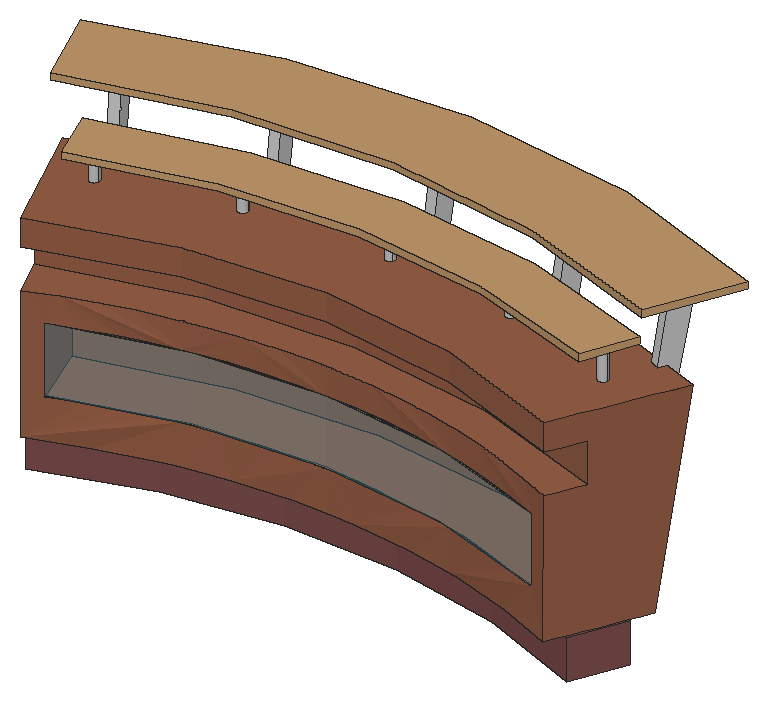
Revit family
Reference planes (in)
  plane 1 "Center Front/Back": y = 0
  plane 2: z = 0
  plane 3 "Center Left/Right": x = 0
  plane 4 "Level 1": z = 18
  plane 5 "Level 2": z = 24
  plane 6 "Level 0": z = 3
  plane 7 "Base": z = 7
  plane 8 "Seat": z = 15
  plane 9 "Level 4": z = 20.5
Forms (in)
  Extrusion 1, solid, material "Wood 2"
    sketch origin (0, 0, 0) x (1, 0, 0) y (0, 1, 0)
      loop
        arc (22.30156, -3.89886) -> (0.00032, 0.64779) -> (-22.30096, -3.8986) r 56.96847
        line (-22.30096, -3.8986) -> (-20.63836, -7.80681)
        arc (-20.63836, -7.80681) -> (0, -3.39612) -> (20.63836, -7.80681) r 50.49053
        line (20.63836, -7.80681) -> (22.30156, -3.89886)
    from 0 to 3
  Blend 2, solid, material "Wood"
    base sketch origin (0, 0, 3) x (0, 1, 0) y (-1, 0, 0)
      loop
        arc (-9.144, 19.95189) -> (-4.92509, 0.05373) -> (-9.10061, -19.85359) r 49.28695
        line (-9.10061, -19.85359) -> (-2.23764, -22.874)
        arc (-2.23764, -22.874) -> (2.40228, 0) -> (-2.23764, 22.874) r 58.70242
        line (-2.23764, 22.874) -> (-9.144, 19.95189)
    top sketch origin (0, 0, 3) x (0, 1, 0) y (-1, 0, 0)
      loop
        arc (-9.144, 19.95189) -> (-4.92506, 0) -> (-9.144, -19.95189) r 49.28695
        line (-9.144, -19.95189) -> (0, -24)
        arc (0, -24) -> (5.07494, 0) -> (0, 24) r 59.28695
        line (0, 24) -> (-9.144, 19.95189)
    from 0 to 15
  Extrusion 3, solid, material "Wood 3"
    sketch origin (0, 0, 18) x (0, 1, 0) y (-1, 0, 0)
      loop
        arc (-2.6181, 22.8457) -> (1.59564, 0.06005) -> (-3.14374, -22.62209) r 59.96847
        line (-3.14374, -22.62209) -> (3.46305, -25.43269)
        arc (3.46305, -25.43269) -> (8.83742, 0) -> (3.46305, 25.43269) r 62.86373
        line (3.46305, 25.43269) -> (-2.6181, 22.8457)
    from 5.5 to 6
  Extrusion 4, solid, material "Metal"
    sketch origin (0, 0, 0) x (0, 1, 0) y (0, 0, 1)
      loop
        line (1.61357, 3) -> (2.65957, 3) -> (7.01698, 23.5) -> (5.22827, 23.5) -> (1.61357, 3)
    from 0 to 0.75
  Extrusion 5, solid, material "Metal"
    sketch origin (19.48817, -3.63729, 0) x (0.360716, 0.932676, 0) y (0, 0, -1)
      loop
        line (1.61357, -3) -> (5.22827, -23.5) -> (7.01698, -23.5) -> (2.65957, -3) -> (1.61357, -3)
    from 0 to 0.75
  Extrusion 6, solid, material "Metal"
    sketch origin (9.64195, -0.81393, 0) x (0.188338, 0.982104, 0) y (0, 0, 1)
      loop
        line (1.61357, 3) -> (2.65957, 3) -> (7.01698, 23.5) -> (5.22827, 23.5) -> (1.61357, 3)
    from 0 to 0.75
  Extrusion 7, solid, material "Metal"
    sketch origin (-19.48817, -3.63729, 0) x (-0.360716, 0.932676, 0) y (0, 0, 1)
      loop
        line (1.61357, 3) -> (2.65957, 3) -> (7.01698, 23.5) -> (5.22827, 23.5) -> (1.61357, 3)
    from 0 to 0.75
  Extrusion 8, solid, material "Metal"
    sketch origin (-9.64195, -0.81393, 0) x (-0.188338, 0.982104, 0) y (0, 0, -1)
      loop
        line (1.61357, -3) -> (5.22827, -23.5) -> (7.01698, -23.5) -> (2.65957, -3) -> (1.61357, -3)
    from 0 to 0.75
  Extrusion 9, void
    sketch origin (0, 0, 7) x (0, 1, 0) y (-1, 0, 0)
      loop
        arc (-10.42347, 17.88333) -> (-8.23541, 0.24479) -> (-12.35326, -17.04535) r 50.02043
        line (-12.35326, -17.04535) -> (-3.66709, -20.40314)
        arc (-3.66709, -20.40314) -> (0.14779, -0.00522) -> (-3.66332, 20.3934) r 56.46847
        line (-3.66332, 20.3934) -> (-10.42347, 17.88333)
    from -1 to 4
  Extrusion 10, void
    sketch origin (0, -0.0757, 7) x (0, 1, 0) y (-1, 0, 0)
      loop
        arc (-12.53572, 22.87232) -> (-8.44718, 1.37477) -> (-13.92686, -19.81093) r 50.02043
        line (-13.92686, -19.81093) -> (-6.9473, -22.509)
        arc (-6.9473, -22.509) -> (-2.00874, 1.18168) -> (-7.44067, 24.76413) r 56.46847
        line (-7.44067, 24.76413) -> (-12.53572, 22.87232)
    from 6 to 9
  Extrusion 11, solid, material "Metal"
    sketch origin (-0.54972, 1.51124, 18) x (0, 1, 0) y (-1, 0, 0)
      loop
        circle (-4.30679, 18.82889) r 0.34936
    from 0 to 2.5
  Extrusion 12, solid, material "Metal"
    sketch origin (0.54972, 1.51124, 18) x (0, 1, 0) y (-1, 0, 0)
      loop
        circle (-4.30679, -18.82889) r 0.34936
    from 0 to 2.5
  Extrusion 13, solid, material "Metal"
    sketch origin (-28.43096, -6.48358, 18) x (-0.529919, 0.848048, 0) y (-0.848048, -0.529919, 0)
      loop
        circle (-4.30679, -18.82889) r 0.34936
    from 0 to 2.5
  Extrusion 14, solid, material "Metal"
    sketch origin (19.34989, -2.38906, 18) x (0.377908, 0.925843, 0) y (-0.925843, 0.377908, 0)
      loop
        circle (-4.29463, 18.78355) r 0.34936
    from 0 to 2.5
  Extrusion 15, solid, material "Metal"
    sketch origin (-9.04019, 0.22244, 18) x (-0.202666, 0.979248, 0) y (-0.979248, -0.202666, 0)
      loop
        circle (-4.29463, -18.78355) r 0.34936
    from 0 to 2.5
  Extrusion 16, solid, material "Wood 3"
    sketch origin (0, 0, 20.5) x (0, 1, 0) y (-1, 0, 0)
      loop
        arc (-5.53066, 19.68567) -> (-1.84378, 0) -> (-5.53066, -19.68567) r 54.39822
        line (-5.53066, -19.68567) -> (-1.56811, -21.22213)
        arc (-1.56811, -21.22213) -> (2.40228, 0) -> (-1.56811, 21.22213) r 58.70242
        line (-1.56811, 21.22213) -> (-5.53066, 19.68567)
    from 0 to 0.5
  Extrusion 17, solid, material "Glass"
    sketch origin (0, 0, 7) x (0, 1, 0) y (-1, 0, 0)
      loop
        arc (-8.55945, 18.57544) -> (-4.92507, 0.02963) -> (-8.53715, -18.52053) r 49.28695
        line (-8.53715, -18.52053) -> (-8.42131, -18.5675)
        arc (-8.42131, -18.5675) -> (-4.80007, 0.02971) -> (-8.44367, 18.62255) r 49.41195
        line (-8.44367, 18.62255) -> (-8.55945, 18.57544)
    from -1 to 4
Cuts and joins
  Extrusion 9, Extrusion 10 cuts Blend 2
  Extrusion 9, Extrusion 10 cuts Extrusion 5
  Extrusion 9, Extrusion 10 cuts Extrusion 7
